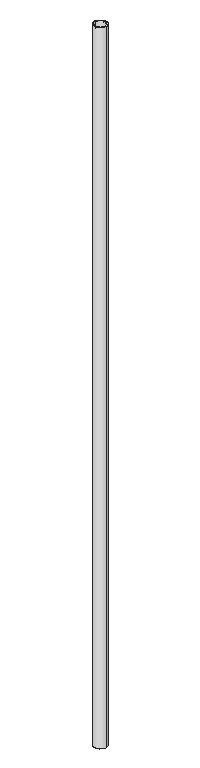
Revit family "丸P1.6×φ19.1", category 機械設備, Revit 2020
Family settings
  丸型コネクタ寸法 = 直径を使用
  種別 = なし
  パーツ タイプ = 標準
  作業面ベース = いいえ
  常に垂直 = はい
  ロード時にボイドで切り取り = いいえ
  共有 = いいえ
  部屋計算ポイント = いいえ
Parameters
  製造元 = "株式会社桐井製作所"
  既定の高さ = 0 mm
  URL = "https://www.kirii.co.jp/"
  K_長さ(mm) [instance] = 1000 mm
  K_外形寸法(mm) = "1.6×φ19.1"
  K_品名 = "丸P1.6×φ19.1"
  K_名称 = "丸パイプ"
  K_バージョン情報 = "20211012"
Reference planes
  plane 1 "中心(正面/背面)": y = 0
  plane 2: z = 0
  plane 3 "中心(左/右)": x = 0
  plane 4: z = 1000
Forms (mm)
  Extrusion 1, solid
    sketch origin (0, 0, 0) x (1, 0, 0) y (0, 1, 0)
      loop
        circle (0, 0) r 9.55
      loop
        circle (0, 0) r 7.95
    from 0 to 1000
Dimensions and locks
  "K_長さ(mm)": plane 4 to plane 2
  aligned and locked: level to plane 2
  aligned and locked: plane 4 to Extrusion 1
Automatic sketch dimensions
  plane 1 "中心(正面/背面)" to Extrusion 1 sketch curve = 0 mm
  Extrusion 1 sketch curve to plane 3 "中心(左/右)" = 0 mm
  Extrusion 1 sketch curve to Extrusion 1 sketch curve = 0 mm  (x2)
  radius of Extrusion 1 sketch curve = 9.55 mm
  radius of Extrusion 1 sketch curve = 7.95 mm
